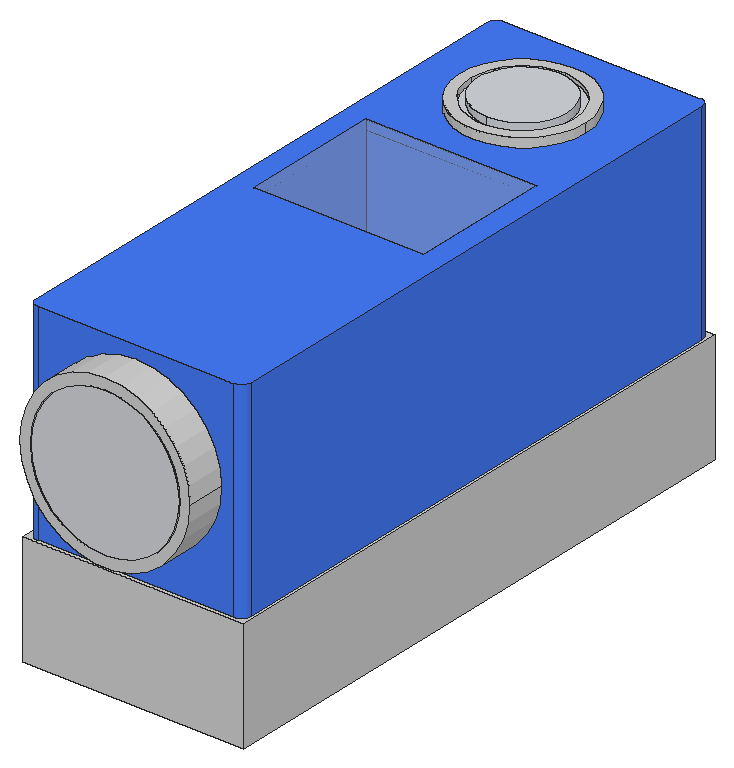
Revit family "Building-ConnessioniIEC309-GEWISS-66IB-PRESE-INTERBLOCCATE-HD_IP66_CON_FONDO_24V", category Apparecchi elettrici, host Superficie, Revit 2019
Family settings
  Host = Superficie
  Mantenere orientamento annotazione = Sì
  Quota connettore circolare = Usa diametro
  Tipo di parte = Normale
  Taglio con vuoti quando caricato = Sì
  Condiviso = Sì
  Punto di calcolo locali = Sì
Parameters (values of type "GW66998 - PRESA VR.C.F.2P.160VA TRASF.CBF.IP66")
  vetro = Default - Vetro
  presa = Grigio RAL - 7035
  giallo = 0 mm
  dist_piano [instance] = 0 mm
  Voltaggio = 0 V
  Vista_2d_pianta [instance] = yes
  Versione file RFA = "21.4"
  URL = "https://www.gewiss.com/it/it"
  Tipologia = "Verticale"
  Tipo fusibile = "Ø 10,3x38 mm"
  Tipo di impiego = "Impieghi gravosi"
  Termopressione con biglia = "80 °C"
  Tensione di uscita = "20-25 V"
  Temperatura di utilizzo = "-25 +40 °C"
  Temperatura di funzionamento = "-25 ÷ +40 °C"
  Struttura = Grigio RAL - 7035
  Simbolo presa = PRESAINDSTAGNA : 3P
  Simbolo [instance] = no
  Simb_circuito [instance] = not(Simbolo)  # yes
  Scheda Tecnica = "https://www.gewiss.com/it/it/search?q=GW66998"
  SEO = "Presa"
  Resistenza agli urti a -20Â°C = "20J"
  Resistenza agli urti = "> IK10"
  Protezione = "Trasformatore di sicurezza"
  Default Elevation = 1219.2 mm
  Produttore = "GEWISS S.p.A."
  Potenza nominale = "160VA"
  Potenza = "160VA"
  Numero di poli = "2P"
  N_poli = 1
  N. poli = "2P"
  Modello = "GW66998"
  Immagine tipo = T.jpg
  IDT = "2d669e67-5247-4248-86bf-ba56704f2efd"
  IDF = "ba22048a-4d6c-4d32-ad2a-8204a7d884af"
  Grado di protezione = "IP66"
  Glow wire test: = "850 °C"
  Glow Wire Test = "850 °C"
  Frequenza nominale (Hz) = "50 Hz"
  Frequenza = "50 Hz"
  Distanza x [instance] = 300 mm
  Distanza orizzontale simbolo [instance] = 1.092 mm
  Distanza effettiva x [instance] = 1500 mm - Distanza x  # 1200 mm
  Descrizione = "PRESA VR.C.F.2P.160VA TRASF.CBF.IP66"
  Creato da GEWISS S.p.A. = ""
  Corrente nominale (In) = "16"
  Corrente nominale (A) = "16"
  Corpo presa = Light Blue
  Cornice simbolo [instance] = yes
  Con fondo = "Si"
  Colore: = "Viola"
  Colore = "Viola"
  Codice Electrocod = "2222"
  Codice EAN = "8011564184121"
  Catalogo Serie = "66 IB"
  Catalogo = "BUILDING"
  COBie.Tagnumber = ""
  COBie.CreatedOn = ""
  COBie.CreatebBy = ""
  COBie.ComponentRegisterItemID = ""
  COBie.Component.TagNumber = ""
  COBie.Component.Space = ""
  COBie.Component.SerialNumber = ""
  COBie.Component.InstallationDate = ""
  COBie.Component.Description = ""
  COBie.Component.BarCode = ""
Reference planes
  plane 1 "Centro (Fronte/Retro)": y = 0
  plane 2: z = 0
  plane 3 "Centro (Sinistra/Destra)": x = 0
  plane 4: z = -2
  plane 5: x = -300
  plane 6: x = -1500
  plane 7: x = -300
  plane 8: through (-170.762, -4572, -38.353) normal (-0.6157, 0, 0.788)
  plane 9: x = -51.152
  plane 10: x = 53.222
  plane 11: z = -2
  plane 12: x = -74
  plane 13: x = 74
  plane 14: y = 392
  plane 15: y = -2
Forms (mm)
  Extrusion 1, solid, material "Grigio RAL - 7035" <- "Struttura"
    sketch origin (0, 0, 0) x (1, 0, 0) y (0, 1, 0)
      loop
        line (-74, 392) -> (-74, -2) -> (74, -2) -> (74, 392) -> (-74, 392)
    from -2 to 73
Lines and regions (mm)
  Masking region 1, visible <- "Vista_2d_pianta"
    outline origin (0, 0, 0) x (1, 0, 0) y (0, 0, 1)
  Masking region 2, visible <- "Vista_2d_pianta"
    outline origin (0, 0, 0) x (1, 0, 0) y (0, 0, 1)
      loop
        line (-74, 0) -> (74, 0) -> (74, 219) -> (-74, 219) -> (-74, 0)
Dimensions and locks
  locked: plane 2 to plane 4 at 2
  "Distanza effettiva x": plane 5 to plane 6
  plane 3 "Centro (Sinistra/Destra)" to plane 6 = 1500 mm
  "Distanza effettiva x": plane 6 to plane 7
  locked: plane 15 to plane 1 "Centro (Fronte/Retro)" at 2
  locked: Extrusion 1 to plane 11 at 75
  "dist_piano": plane 11 to plane 4
  plane 6 to plane 3 "Centro (Sinistra/Destra)" = 1500 mm
  angle plane 8 to plane 4 = 142.00°
  angle plane 7 to plane 8 = 128.00°
  aligned and locked: plane 2 to host face
  aligned and locked: level to host face
  aligned and locked: plane 3 "Centro (Sinistra/Destra)" to nested 1
  aligned and locked: plane 7 to nested 3
  aligned and locked: Extrusion 1 sketch curve to plane 12
  aligned and locked: Extrusion 1 sketch curve to plane 14
  aligned and locked: Extrusion 1 sketch curve to plane 13
  aligned and locked: Extrusion 1 sketch curve to plane 15
  aligned and locked: Extrusion 1 to plane 11
  aligned and locked: Masking region 2 to plane 12
  aligned and locked: plane 13 to Masking region 2
  aligned and locked: Masking region 2 to level
  aligned and locked: nested 1 to Extrusion 1
  aligned and locked: plane 7 to nested 2
Automatic sketch dimensions
  host sketch curve to host sketch curve = 2438.4 mm  (x2)
  Masking region 2 sketch curve to plane 10 = 20.778 mm
  plane 9 to Masking region 2 sketch curve = 22.848 mm
  level to Masking region 2 sketch curve = 0 mm
  Masking region 2 sketch curve to Masking region 2 sketch curve = 219 mm
Nested families
  nested 1: "66IB PRESE INTERBLOC IMP GRAVOSI 24V IP66_master" at (0, 0, -2), type "66IB PRESE INTERBLOC IMP GRAVOSI 24V IP66_master", detail levels medium+fine
  nested 2: "simbolo_gravosi 24" at (-300, 30.442, 0), Distanza dal muro <- "Distanza orizzontale simbolo", SIMBOLO ACCESO <- "Simb_circuito", type "3P"
  nested 3: "PRESAINDSTAGNA" at (-300, 23.722, 0), Distanza dal muro <- "Distanza orizzontale simbolo", SIMBOLO ACCESO <- "Simbolo", type "3P"
    with SIMBOLO ACCESO no, Distanza dal muro 1.092 mm, BORDO ACCESO yes
Connectors
  electrical at (0, -26, 147.929), driven by "N_poli", driven by "Voltaggio"
    settings: on nested 1, index 1, voltage 0 V, apparent load 0 VA, apparent load phase1 0 VA, apparent load phase2 0 VA, apparent load phase3 0 VA, power factor 1, load classification "Altro", number of poles 1, system type 31, power factor state 1, is connector primary yes, connector utility no, sub classification motor no, connector description ""
Definition of nested family "66IB PRESE INTERBLOC IMP GRAVOSI 24V IP66_master"
  Parameters (values of type "66IB PRESE INTERBLOC IMP GRAVOSI 24V IP66_master")
    w = 144 mm
    d_piano = 75 mm
    corpo presa = none
    Vetro = none
    Struttura = none
    Spessore = 30 mm
    Raggio = 40 mm
    Default Elevation = 14 mm
    Presa = none
    Lunghezza = 103 mm
    IFC.TypeObject = ""
    IFC.ExportType = ""
    IFC.ExportAs = ""
    H_da terra = 586.883 mm
    COBie.CreatedOn = ""
    COBie.CreatebBy = ""
    COBie.ComponentRegisterItemID = ""
    COBie.Component.TagNumber = ""
    COBie.Component.Space = ""
    COBie.Component.SerialNumber = ""
    COBie.Component.InstallationDate = ""
    COBie.Component.Description = ""
    COBie.Component.BarCode = ""
    Altezza = 390 mm
  Reference planes
    plane 1 "Centro (Fronte/Retro)": y = 0
    plane 2: z = 0
    plane 3 "Centro (Sinistra/Destra)": x = 0
    plane 4 "presa": z = 231
    plane 5: z = 221
    plane 6: z = 215
    plane 7: x = -72
    plane 8: x = 72
    plane 9: y = 390
    plane 10: y = 0
    plane 11: y = 324
    plane 12: z = 218
    plane 13: y = 217
    plane 14: x = -57
    plane 15: x = 57
    plane 16: y = 264
    plane 17: y = 170
    plane 18: z = 84.858
    plane 19: z = 208.562
    plane 20: z = 75
    plane 21: z = 149.929
    plane 22 "presa fronte": y = -26
  Forms (mm)
    Extrusion 1, solid, material <- "Struttura"
      sketch origin (0, -427.104, -30) x (1, 0, 0) y (0, 1, 0)
        loop
          circle (0, 751.104) r 34.75
        loop
          circle (0, 751.104) r 42.079
      from 245 to 251
    Extrusion 2, solid, material <- "corpo presa"
      sketch origin (-2.5, -699.604, -30) x (1, 0, 0) y (0, 1, 0)
        loop
          arc (74.5, 1083.298) -> (72.653, 1087.757) -> (68.194, 1089.604) r 6.306
          line (68.194, 1089.604) -> (-63.194, 1089.604)
          arc (-63.194, 1089.604) -> (-67.653, 1087.757) -> (-69.5, 1083.298) r 6.306
          line (-69.5, 1083.298) -> (-69.5, 706.118)
          arc (-69.5, 706.118) -> (-67.592, 701.512) -> (-62.985, 699.604) r 6.515
          line (-62.985, 699.604) -> (67.985, 699.604)
          arc (67.985, 699.604) -> (72.592, 701.512) -> (74.5, 706.118) r 6.515
          line (74.5, 706.118) -> (74.5, 1083.298)
      from 105 to 245
    Extrusion 3, solid
      sketch origin (0, 0, 231) x (0, -1, 0) y (1, 0, 0)
        loop
          circle (-324, 0) r 34.75
      from -16 to -13
    Extrusion 4, void
      sketch origin (0, 0, 231) x (0, -1, 0) y (1, 0, 0)
        loop
          line (-170, -57) -> (-170, 57) -> (-264, 57) -> (-264, -57) -> (-170, -57)
      from -146.142 to -16
    Extrusion 5, solid, material <- "Vetro"
      sketch origin (0, 0, 231) x (0, -1, 0) y (1, 0, 0)
        loop
          line (-170, -57) -> (-170, 57) -> (-264, 57) -> (-264, -57) -> (-170, -57)
      from -22.438 to -16
    Extrusion 6, solid, material <- "Presa"
      sketch origin (0, 0, 0) x (1, 0, 0) y (0, 0, 1)
        loop
          circle (0, 149.929) r 57
        loop
          circle (0, 149.929) r 50
      from 0 to 26
    Extrusion 7, solid
      sketch origin (0, 0, 0) x (1, 0, 0) y (0, 0, 1)
        loop
          circle (0, 149.929) r 50
      from 0 to 26
    Extrusion 8, solid
      sketch origin (0, 0, 231) x (0, -1, 0) y (1, 0, 0)
        loop
          circle (-324, 0) r 30
      from -16 to -8.009
  Cuts and joins
    Extrusion 4 cuts Extrusion 2
  Lines and regions (mm)
    symbolic lines
      curve 1: line (0, -26, 199.929) -> (0, -26, 99.929)
      curve 2: line (50, -26, 149.929) -> (-50, -26, 149.929)
  Dimensions and locks
    locked: plane 5 to plane 4 "presa" at 10
    locked: plane 6 to plane 5 at 6
    equal spacing: plane 7, plane 3 "Centro (Sinistra/Destra)", plane 8
    "w": plane 7 to plane 8
    "Altezza": plane 1 "Centro (Fronte/Retro)" to plane 9
    locked: plane 9 to plane 11 at 66
    locked: plane 12 to plane 6 at 3
    locked: plane 9 to plane 13 at 173
    equal spacing: plane 14, plane 3 "Centro (Sinistra/Destra)", plane 15
    plane 14 to plane 15 = 114 mm
    equal spacing: plane 16, plane 13, plane 17
    locked: plane 16 to plane 17 at 94
    locked: plane 6 to plane 19 at 6.438
    plane 6 to plane 20 = 140 mm
    "d_piano": plane 20 to level
    locked: plane 18 to plane 20 at 9.858
    locked: plane 22 "presa fronte" to plane 10 at 26
    diameter of Extrusion 1 sketch curve = 69.5 mm
    radius of Extrusion 3 sketch curve = 34.75 mm
    aligned and locked: level to plane 2
    aligned and locked: Extrusion 1 to Extrusion 2
    aligned and locked: Extrusion 2 to plane 6
    aligned and locked: Extrusion 1 to plane 5
    aligned and locked: Extrusion 2 sketch curve to plane 7
    aligned and locked: Extrusion 2 sketch curve to plane 8
    aligned and locked: Extrusion 2 sketch curve to plane 9
    aligned and locked: plane 10 to Extrusion 2 sketch curve
    aligned and locked: plane 10 to plane 1 "Centro (Fronte/Retro)"
    aligned and locked: plane 11 to Extrusion 1 sketch curve
    aligned and locked: plane 3 "Centro (Sinistra/Destra)" to Extrusion 1 sketch curve
    aligned and locked: plane 3 "Centro (Sinistra/Destra)" to Extrusion 3 sketch curve
    aligned and locked: plane 11 to Extrusion 3 sketch curve
    aligned and locked: plane 6 to Extrusion 3
    aligned and locked: plane 12 to Extrusion 3
    aligned and locked: Extrusion 4 sketch curve to plane 14
    aligned and locked: Extrusion 4 sketch curve to plane 17
    aligned and locked: Extrusion 4 sketch curve to plane 15
    aligned and locked: Extrusion 4 sketch curve to plane 16
    aligned and locked: Extrusion 4 to plane 18
    aligned and locked: Extrusion 4 to plane 6
    aligned and locked: Extrusion 5 sketch curve to plane 14
    aligned and locked: Extrusion 5 sketch curve to plane 17
    aligned and locked: Extrusion 5 sketch curve to plane 16
    aligned and locked: Extrusion 5 sketch curve to plane 15
    aligned and locked: Extrusion 5 to plane 19
    aligned and locked: Extrusion 5 to plane 6
    aligned and locked: plane 20 to cut or joined group of Extrusion 2, Extrusion 4
    aligned and locked: plane 3 "Centro (Sinistra/Destra)" to Extrusion 6 sketch curve
    aligned and locked: plane 21 to Extrusion 6 sketch curve
    aligned and locked: Extrusion 6 to plane 22 "presa fronte"
    aligned and locked: plane 3 "Centro (Sinistra/Destra)" to Extrusion 7 sketch curve
    aligned and locked: plane 21 to Extrusion 7 sketch curve
    aligned and locked: Extrusion 7 to plane 1 "Centro (Fronte/Retro)"
    aligned and locked: Extrusion 7 to plane 22 "presa fronte"
    aligned and locked: plane 3 "Centro (Sinistra/Destra)" to curve 1
    aligned and locked: curve 2 to plane 21
    aligned and locked: plane 11 to Extrusion 8 sketch curve
    aligned and locked: plane 3 "Centro (Sinistra/Destra)" to Extrusion 8 sketch curve
    aligned and locked: Extrusion 1 to Extrusion 8
  Automatic sketch dimensions
    Extrusion 2 sketch curve to Extrusion 2 sketch curve = 6.306 mm  (x2)
    Extrusion 2 sketch curve to Extrusion 2 sketch curve = 6.515 mm  (x2)
    Extrusion 1 sketch curve to Extrusion 1 sketch curve = 0 mm  (x2)
    Extrusion 6 sketch curve to Extrusion 6 sketch curve = 0 mm  (x2)
    plane 18 to curve 1 = 15.071 mm
    curve 1 to plane 19 = 8.633 mm
    curve 2 to plane 14 = 7 mm
    plane 15 to curve 2 = 7 mm
    radius of Extrusion 1 sketch curve = 42.079 mm
    radius of Extrusion 6 sketch curve = 57 mm
    radius of Extrusion 6 sketch curve = 50 mm
    radius of Extrusion 7 sketch curve = 50 mm
    radius of Extrusion 8 sketch curve = 30 mm
Definition of nested family "simbolo_gravosi 24"
  Parameters (values of type "3P")
    SIMBOLO ACCESO [instance] = yes
    SIMBOLO = PRESAINDSTAGNA_BASE : 3P
    Distanza dal muro [instance] = 1.092 mm
    BORDO ACCESO [instance] = yes
  Reference planes
    plane 1: y = 0
    plane 2: x = 0
  Dimensions and locks
    "Distanza dal muro": plane 1 to import instance
    aligned and locked: import instance to plane 2
Definition of nested family "PRESAINDSTAGNA"
  Parameters (values of type "3P")
    SIMBOLO ACCESO [instance] = yes
    SIMBOLO = PRESAINDSTAGNA_BASE : 3P
    Distanza dal muro [instance] = 0 mm
    BORDO ACCESO [instance] = yes
  Types (2): name
    2P
    3P
  Reference planes
    plane 1: y = 0
    plane 2: x = 0
  Dimensions and locks
    "Distanza dal muro": plane 1 to nested 1
    aligned and locked: plane 2 to nested 1
  Nested families
    nested 1: "PRESAINDSTAGNA_BASE" at (0, 0, 0), type <- "SIMBOLO", CORNICE SIMBOLO <- "BORDO ACCESO", visible <- "SIMBOLO ACCESO", type "3P"
  Definition of nested family "PRESAINDSTAGNA_BASE"
    Parameters (values of type "3P")
      CORNICE SIMBOLO [instance] = yes
      3P = yes
    Types (2, lengths in mm): name | 3P
      3P | yes
      2P | no
    Reference planes
      plane 1: y = 0
      plane 2: x = 0
    Lines and regions (mm)
      detail lines, not visible
        curve 1: line (-2.443, 10.208, 0) -> (2.057, 10.208, 0)
        curve 2: line (2.057, 10.208, 0) -> (2.057, 4.208, 0)
        curve 3: line (2.057, 4.208, 0) -> (-2.443, 4.208, 0)
        curve 4: line (-2.443, 4.208, 0) -> (-2.443, 10.208, 0)
        curve 5: line (-2.043, 9.808, 0) -> (1.657, 9.808, 0)
        curve 6: line (1.657, 9.808, 0) -> (1.657, 4.608, 0)
        curve 7: line (1.657, 4.608, 0) -> (-2.043, 4.608, 0)
        curve 8: line (-2.043, 4.608, 0) -> (-2.043, 9.808, 0)
      detail lines
        curve 9: line (-0.333, 0.928, 0) -> (-0.05, 0.928, 0)
        curve 10: line (-0.05, 0.928, 0) -> (0.417, 1.737, 0)
        curve 11: line (0.417, 1.737, 0) -> (0.764, 1.537, 0)
        curve 12: line (-0.05, 0.928, 0) -> (-0.333, 0.437, 0)
        curve 13: line (-0.333, 0.437, 0) -> (-0.333, 2.059, 0)
        curve 14: line (0.222, 1.399, 0) -> (0.569, 1.199, 0)
        curve 15: line (-0.723, 0.437, 0) -> (0.057, 0.437, 0)
        curve 16: line (-0.333, 0.81, 0) -> (-0.216, 0.928, 0)
        curve 17: line (-0.333, 0.741, 0) -> (-0.147, 0.928, 0)
        curve 18: line (-0.333, 0.672, 0) -> (-0.078, 0.928, 0)
        curve 19: line (-0.333, 0.603, 0) -> (-0.106, 0.831, 0)
        curve 20: line (-0.333, 0.534, 0) -> (-0.2, 0.668, 0)
        curve 22: arc (-0.723, 0.047, 0) -> (-0.333, 0.437, 0) -> (0.057, 0.047, 0) r 0.39
        curve 23: line (-0.8, 2.1, 0) -> (0.8, 2.1, 0)
        curve 24: line (-0.8, 0, 0) -> (-0.8, 2.1, 0)
        curve 25: line (0.8, 0, 0) -> (-0.8, 0, 0)
        curve 26: line (0.8, 2.1, 0) -> (0.8, 0, 0)
      detail lines, visible <- "3P"
        curve 21: line (0.028, 1.061, 0) -> (0.374, 0.861, 0)
